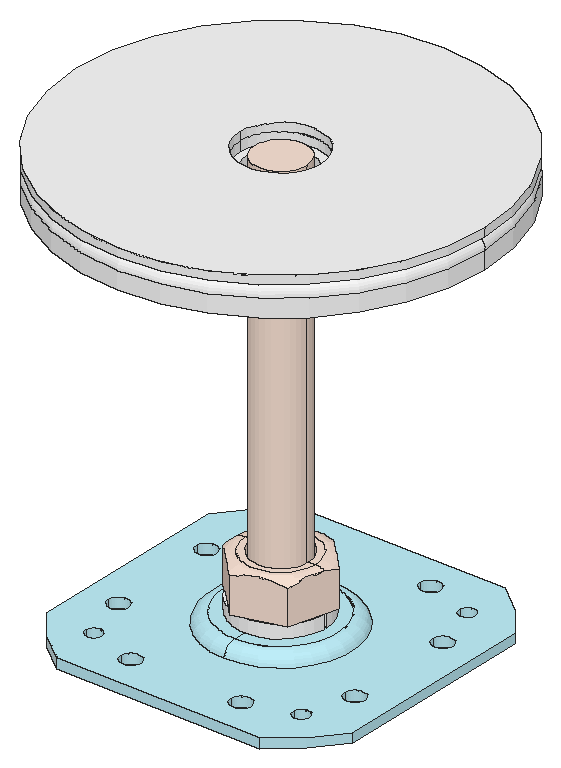
Revit family "GTクイーンST(Rタイプ)", category 機械設備, Revit 2020
Family settings
  丸型コネクタ寸法 = 直径を使用
  種別 = なし
  パーツ タイプ = 標準
  作業面ベース = いいえ
  常に垂直 = はい
  ロード時にボイドで切り取り = いいえ
  共有 = いいえ
  部屋計算ポイント = いいえ
Parameters
  製造元 = "株式会社桐井製作所"
  既定の高さ = 0 mm
  URL = "https://www.kirii.co.jp/"
  K_名称 = "GTクイーンST(Rタイプ)"
  K_備考 = "ボルト長さ60mm~250mmまで対応"
  K_バージョン情報 = "20230413"
Reference planes
  plane 1 "中心(正面/背面)": y = 0
  plane 2: z = 0
  plane 3 "中心(左/右)": x = 0
Dimensions and locks
  aligned and locked: level to plane 2
Nested families
  nested 1: "1／2”ボルト" at (0.038, 0, 0), type "1／2”ボルト"
  nested 2: "1／2”ナット" at (0.076, 0, 99.1) x (1, 0, 0) z (0, 0, -1), type "1／2”ナット"
  nested 3: "1／2”スプリングワッシャー" at (-0.038, 0, 99.1), type "1／2”スプリングワッシャー"
  nested 4: "NDプレートST" at (0.076, 0, 0), type "NDプレートST"
  nested 5: "1／2”ナット" at (0.076, 0, 8.2), type "1／2”ナット"
  nested 6: "1／2”スプリングワッシャー" at (0.038, 0, 5), type "1／2”スプリングワッシャー"
  nested 7: "Rプレート" at (-0.077, 0.18, 104.6) x (1, 0, 0) z (0, 0, -1), type "Rプレート"
  nested 8: "Rプレートゴム" at (-0.077, 0.145, 104.602), type "Rプレートゴム"
Definition of nested family "1／2”ボルト"
  Parameters (values of type "1／2”ボルト")
    Manufacturer = "株式会社桐井製作所"
    Default Elevation = 0 mm
    URL = "https://www.kirii.co.jp/"
    K_長さ(mm) = 105 mm
    K_材質 = "軟鋼線材"
    K_名称 = "1/2”ボルト"
    K_単位質量(㎏/mm) = 0.075
    K_バージョン情報 = "20221212"
    K_めっき付着量 = "JIS H 8610 電気亜鉛めっき1級以上　JIS H 8625 1級CM1A以上"
    K_JIS規格 = "JIS G 3505　同等以上"
  Reference planes
    plane 1 "中心(正面/背面)": y = 0
    plane 2: z = 0
    plane 3 "中心(左/右)": x = 0
  Forms (mm)
    Extrusion 1, solid
      sketch origin (0.058, 0, 0) x (1, 0, 0) y (0, 1, 0)
        loop
          circle (-0.02, 0) r 6.35
      from 0 to 105
  Dimensions and locks
    "K_長さ(mm)": Extrusion 1 to Extrusion 1
    aligned and locked: level to plane 2
  Automatic sketch dimensions
    plane 1 "中心(正面/背面)" to Extrusion 1 sketch curve = 0 mm
    plane 3 "中心(左/右)" to Extrusion 1 sketch curve = 0.038 mm
    radius of Extrusion 1 sketch curve = 6.35 mm
Definition of nested family "1／2”ナット"
  Parameters (values of type "1／2”ナット")
    Manufacturer = "株式会社桐井製作所"
    Default Elevation = 0 mm
    URL = "https://www.kirii.co.jp/"
    K_材質 = "JIS H 8610 電気亜鉛めっき1級以上　JIS H 8625 1級CM1A以上"
    K_名称 = "1/2\"ナット"
    K_単位質量(kg/個) = 0.021
    K_バージョン情報 = "20221212"
    K_JIS規格 = "軟鋼線材 JIS G 3505 同等以上"
  Reference planes
    plane 1 "中心(正面/背面)": y = 0
    plane 2: z = 0
    plane 3 "中心(左/右)": x = 0
  Forms (mm)
    Revolve 1, solid
      sketch origin (0, 0, 2.36) x (1, 0, 0) y (0, 0, 1)
        loop
          line (7, 7.64) -> (7, -2.36) -> (13, -2.36) -> (13, 4.782)
          arc (13, 4.782) -> (11.208, 6.863) -> (8.573, 7.64) r 4.858
          line (8.573, 7.64) -> (7, 7.64)
        axis (0, 7.64) -> (0, -2.36)
      angle from 0 to 360
    Extrusion 2, void
      sketch origin (0, 0, 0) x (1, 0, 0) y (0, 1, 0)
        loop
          circle (0, 0) r 14
        loop
          line (3.138, 11.711) -> (-8.573, 8.573) -> (-11.711, -3.138) -> (-3.138, -11.711) -> (8.573, -8.573) -> (11.711, 3.138) -> (3.138, 11.711)
      from 0 to 10
  Cuts and joins
    Extrusion 2 cuts Revolve 1
  Dimensions and locks
    aligned and locked: level to plane 2
Definition of nested family "1／2”スプリングワッシャー"
  Parameters (values of type "1／2”スプリングワッシャー")
    Manufacturer = "株式会社桐井製作所"
    Default Elevation = 0 mm
    URL = "https://www.kirii.co.jp/"
    K_表面処理 = "JIS H 8610 電気亜鉛めっき1級以上　JIS H 8625 1級CM1A以上"
    K_材質 = "軟鋼線材 JIS G 3505 同等以上"
    K_名称 = "1/2”スプリングワッシャー"
    K_単位質量(kg/個) = 0.001
    K_バージョン情報 = "20221219"
  Reference planes
    plane 1 "中心(正面/背面)": y = 0
    plane 2: z = 0
    plane 3 "中心(左/右)": x = 0
  Forms (mm)
    Extrusion 1, solid
      sketch origin (0, 0, 0) x (1, 0, 0) y (0, 1, 0)
        loop
          line (10.989, 0.5) -> (7.984, 0.5)
          arc (7.984, 0.5) -> (-8, 0) -> (7.984, -0.5) r 8
          line (7.984, -0.5) -> (10.989, -0.5)
          arc (10.989, -0.5) -> (-11, 0) -> (10.989, 0.5) r 11
      from 0 to 3.2
  Dimensions and locks
    aligned and locked: level to plane 2
Definition of nested family "NDプレートST"
  Parameters (values of type "NDプレートST")
    Manufacturer = "株式会社桐井製作所"
    Default Elevation = 0 mm
    URL = "https://www.kirii.co.jp/"
    K_名称 = "NDプレートST"
    K_バージョン情報 = "20230328"
  Reference planes
    plane 1 "中心(正面/背面)": y = 0
    plane 2: z = 0
    plane 3 "中心(左/右)": x = 0
  Forms (mm)
    Extrusion 1, solid
      sketch origin (0, 0, 0) x (1, 0, 0) y (0, 1, 0)
        loop
          line (24.875, 37.5) -> (-24.875, 37.5)
          arc (-24.875, 37.5) -> (-31.82, 31.82) -> (-37.5, 24.875) r 45
          line (-37.5, 24.875) -> (-37.5, -24.875)
          arc (-37.5, -24.875) -> (-31.82, -31.82) -> (-24.875, -37.5) r 45
          line (-24.875, -37.5) -> (24.875, -37.5)
          arc (24.875, -37.5) -> (31.82, -31.82) -> (37.5, -24.875) r 45
          line (37.5, -24.875) -> (37.5, 24.875)
          arc (37.5, 24.875) -> (31.82, 31.82) -> (24.875, 37.5) r 45
        loop
          circle (-29, 13.5) r 2.5
        loop
          circle (-25.456, 25.456) r 2
        loop
          circle (-13.5, 29) r 2.5
        loop
          circle (13.5, 29) r 2.5
        loop
          circle (25.456, 25.456) r 2
        loop
          circle (29, 13.5) r 2.5
        loop
          circle (29, -13.5) r 2.5
        loop
          circle (25.456, -25.456) r 2
        loop
          circle (13.5, -29) r 2.5
        loop
          circle (-13.5, -29) r 2.5
        loop
          circle (-25.456, -25.456) r 2
        loop
          circle (-29, -13.5) r 2.5
      from 0 to 2.3
    Revolve 2, solid
      sketch origin (0, 0, 0) x (0, 1, 0) y (0, 0, 1)
        loop
          line (0, 5) -> (-14.001, 5)
          arc (-14.001, 5) -> (-16.211, 4.247) -> (-17.501, 2.3) r 3.619
          line (-17.501, 2.3) -> (0, 2.3) -> (0, 5)
        axis (0, 2.3) -> (0, 5)
      angle from 0 to 360
    Extrusion 3, void
      sketch origin (0, 0, 0) x (1, 0, 0) y (0, 1, 0)
        loop
          circle (0, 0) r 6
      from 0 to 5
  Cuts and joins
    Extrusion 3 cuts Extrusion 1
    Extrusion 3 cuts Revolve 2
    joined: Extrusion 1, Revolve 2
  Dimensions and locks
    aligned and locked: level to plane 2
Definition of nested family "Rプレート"
  Parameters (values of type "Rプレート")
    Manufacturer = "株式会社桐井製作所"
    Default Elevation = 0 mm
    URL = "https://www.kirii.co.jp/"
    K_名称 = "Rプレート"
    K_バージョン情報 = "20230328"
  Reference planes
    plane 1 "中心(正面/背面)": y = 0
    plane 2: z = 0
    plane 3 "中心(左/右)": x = 0
  Forms (mm)
    Extrusion 1, void
      sketch origin (0, 0, 3.2) x (1, 0, 0) y (0, 1, 0)
        loop
          circle (0.04, 0.017) r 10
      from -3.2 to -0.9
    Extrusion 2, solid
      sketch origin (0, 0, 0) x (1, 0, 0) y (0, 1, 0)
        loop
          circle (0.035, 0.017) r 47.567
      from 0 to 2.3
    Sweep 3, solid
      path in 3D
        loop
          arc (47.603, 0.017, 2.3) -> (0.035, -47.55, 2.3) -> (-47.532, 0.017, 2.3) r 47.567
          arc (-47.532, 0.017, 2.3) -> (0.035, 47.585, 2.3) -> (47.603, 0.017, 2.3) r 47.567
      profile origin (0.035, 47.585, 2.3) x (0, 1, 0) y (0, 0, 1)
        loop
          line (2.433, 5) -> (0.133, 5) -> (0.133, 1)
          arc (0.133, 1) -> (0.084, 0.475) -> (-0.01, -0.045) r 6.118
          line (-0.01, -0.045) -> (-0.01, -2.302)
          arc (-0.01, -2.302) -> (1.745, -1.235) -> (2.433, 0.7) r 3.066
          line (2.433, 0.7) -> (2.433, 5)
  Cuts and joins
    Extrusion 1 cuts Extrusion 2
  Lines and regions (mm)
    sketch lines
      curve 1: arc (-47.532, 0.017, 2.3) -> (0.035, 47.585, 2.3) -> (47.603, 0.017, 2.3) r 47.567
      curve 2: arc (47.603, 0.017, 2.3) -> (0.035, -47.55, 2.3) -> (-47.532, 0.017, 2.3) r 47.567
  Dimensions and locks
    aligned and locked: level to plane 2
Definition of nested family "Rプレートゴム"
  Parameters (values of type "Rプレートゴム")
    Manufacturer = "株式会社桐井製作所"
    Default Elevation = 0 mm
    URL = "https://www.kirii.co.jp/"
    K_名称 = "Rプレートゴム"
    K_バージョン情報 = "20230328"
  Reference planes
    plane 1 "中心(正面/背面)": y = 0
    plane 2: z = 0
    plane 3 "中心(左/右)": x = 0
  Forms (mm)
    Extrusion 1, void
      sketch origin (0, 0, 3.2) x (1, 0, 0) y (0, 1, 0)
        loop
          circle (0.04, 0.017) r 10
      from -3.2 to -1.2
    Extrusion 2, solid
      sketch origin (0, 0, 0) x (1, 0, 0) y (0, 1, 0)
        loop
          circle (0.04, 0.017) r 50
      from 0 to 2
  Cuts and joins
    Extrusion 1 cuts Extrusion 2
  Dimensions and locks
    aligned and locked: level to plane 2
